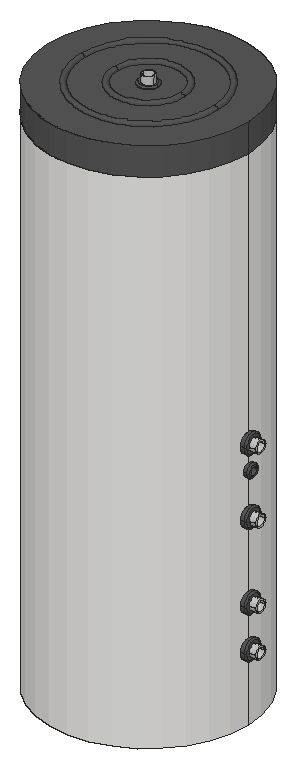
Revit family "S-tank_P", category Оборудование, Revit 2019
Family settings
  Размер круглого соединителя = Использовать диаметр
  Классификация = Нет
  Тип детали = Нормальный
  На основе рабочей плоскости = Нет
  Всегда вертикально = Да
  При загрузке вырезать с полостями = Нет
  Общий = Нет
  Точка расчета площади = Нет
Parameters (values of type "P300")
  Разработка семейств = "https://rubim.tech/"
  H = 1550 mm
  Диаметрcизоляцией = 575 mm
  shrf = 17.5 mm
  rd [instance] = Диаметрcизоляцией / 2  # 287.5 mm
  a = Диаметрcизоляцией / 6  # 95.833 mm
  N = 1740 mm
  M = 1360 mm
  L = 198 mm
  E = 728 mm
  DN2 = 15 mm
  DN1 = 25 mm
  D = 658 mm
  C = 538 mm
  B = 318 mm
  ADSK_Примечание [instance] = ""
  ADSK_Позиция [instance] = ""
  ADSK_Обозначение = "P300"
  ADSK_Наименование краткое [instance] = "БКН"
  ADSK_Наименование = "Бойлер косвенного нагрева"
  ADSK_Масса_Текст [instance] = ""
  ADSK_Масса = 70
  ADSK_Марка = "P 300"
  ADSK_Количество [instance] = 1  # constant formula
  ADSK_Код изделия = "4.0003"
  ADSK_Завод-изготовитель = "ООО “С-ТЭНК ВОТЕР ХИТЕРС”"
  ADSK_Единица измерения = "шт."  # constant formula
  ADSK_Группирование = "Оборудование"
  ADSK_URL документации изделия = "http://s-tank.ru/p/"
  A = 198 mm
Types (9, lengths in mm): name | H | Диаметрcизоляцией | rd | a | M | L | E | D | C | B | ADSK_Обозначение | ADSK_Масса | ADSK_Марка | ADSK_Код изделия | A
  P150 | 925 | 575 | 287.5 | 95.833 | 745 | 198 | 618 | 548 | 438 | 308 | "P150" | 51 | "P 150" | "4.0001" | 198
  P200 | 1200 | 575 | 287.5 | 95.833 | 1020 | 208 | 758 | 688 | 508 | 328 | "P200" | 58 | "P 200" | "4.0002" | 208
  P300 | 1550 | 575 | 287.5 | 95.833 | 1360 | 198 | 728 | 658 | 538 | 318 | "P300" | 70 | "P 300" | "4.0003" | 198
  P400 | 1420 | 725 | 362.5 | 120.833 | 1110 | 259 | 819 | 749 | 619 | 389 | "P400" | 85 | "P 400" | "4.0004" | 259
  P500 | 1670 | 725 | 362.5 | 120.833 | 1360 | 259 | 819 | 749 | 619 | 389 | "P500" | 93 | "P 500" | "4.0005" | 259
  P750 | 1630 | 920 | 460 | 153.333 | 1326 | 301 | 831 | 751 | 621 | 431 | "P750" | 114 | "P 750" | "4.0006" | 301
  P1000 | 1630 | 920 | 460 | 153.333 | 1326 | 291 | 1011 | 891 | 701 | 481 | "P1000" | 145 | "P 1000" | "4.0007" | 291
  P1500 | 2370 | 1070 | 535 | 178.333 | 2010 | 295 | 1075 | 950 | 760 | 475 | "P1500" | 211 | "P 1500" | "4.0008" | 295
  P2000 | 2500 | 1180 | 590 | 196.667 | 2178 | 323 | 1093 | 973 | 773 | 523 | "P2000" | 257 | "P 2000" | "4.0009" | 323
Reference planes
  plane 1 "По центру (Вперед/Назад)": y = 0
  plane 2: z = 0
  plane 3 "По центру (Влево/Вправо)": x = 0
  plane 4: z = 198
  plane 5: z = 318
  plane 6: z = 538
  plane 7: z = 658
  plane 8: z = 1550
  plane 9: x = 287.5
  plane 10: x = -287.5
  plane 11: x = 95.833
  plane 12: x = 191.667
  plane 13: y = -287.5
  plane 14: y = 287.5
  plane 15: z = 728
  plane 16: z = 1535
  plane 17: z = 198
  plane 18: z = 1360
Forms (mm)
  Extrusion 1, solid, material "RB_Серая порошковая"
    sketch origin (0, 0, 0) x (1, 0, 0) y (0, 1, 0)
      loop
        circle (0, 0) r 287.5
    from 0 to 1470
  Extrusion 2, solid, material "RB_Черный пластик"
    sketch origin (0, 0, 0) x (1, 0, 0) y (0, 1, 0)
      loop
        circle (0, 0) r 287.5
    from 1470 to 1550
  Revolve 3, solid, material "RB_Черный пластик"
    sketch origin (0, 0, 0) x (1, 0, 0) y (0, 0, 1)
      loop
        line (88.333, 1550) -> (103.333, 1550)
        arc (103.333, 1550) -> (95.833, 1557.5) -> (88.333, 1550) r 7.5
      loop
        line (184.167, 1550) -> (199.167, 1550)
        arc (199.167, 1550) -> (191.667, 1557.5) -> (184.167, 1550) r 7.5
      axis (0, 1550) -> (0, 1551)
    angle from 0 to 360
  Extrusion 4, solid, material "Пластик синий", not visible
    sketch origin (-10, 0, 0) x (1, 0, 0) y (0, 0, 1)
      loop
        arc (-214.477, 2447.343) -> (-231.977, 2440.094) -> (-239.226, 2422.594) r 24.749
        line (-239.226, 2422.594) -> (-239.226, 2312.833)
        arc (-239.226, 2312.833) -> (-231.977, 2295.333) -> (-214.477, 2288.085) r 24.749
        line (-214.477, 2288.085) -> (236.536, 2288.085)
        arc (236.536, 2288.085) -> (254.036, 2295.333) -> (261.285, 2312.833) r 24.749
        line (261.285, 2312.833) -> (261.285, 2420.032)
        arc (261.285, 2420.032) -> (253.285, 2439.344) -> (233.974, 2447.343) r 27.311
        line (233.974, 2447.343) -> (-214.477, 2447.343)
      loop
        arc (-214.477, 2439.053) -> (-226.115, 2434.232) -> (-230.936, 2422.594) r 16.459
        line (-230.936, 2422.594) -> (-230.936, 2331.316) -> (252.994, 2331.316) -> (252.994, 2420.032)
        arc (252.994, 2420.032) -> (247.423, 2433.482) -> (233.974, 2439.053) r 19.021
        line (233.974, 2439.053) -> (-214.477, 2439.053)
      loop
        line (-115.968, 2397.309) -> (-115.968, 2379.809) -> (-65.968, 2379.809) -> (-65.968, 2397.309) -> (-115.968, 2397.309)
      loop
        line (-35.422, 2407.249) -> (-35.422, 2351.314) -> (-17.922, 2351.314) -> (-17.922, 2407.249) -> (3.349, 2407.249) -> (10.977, 2424.749) -> (-55.778, 2424.749) -> (-55.778, 2407.249) -> (-35.422, 2407.249)
      loop
        line (-4.413, 2351.314) -> (16.363, 2351.314) -> (21.205, 2358.883) -> (45.502, 2358.883) -> (45.502, 2351.314) -> (63.002, 2351.314) -> (63.002, 2377.816) -> (33.319, 2377.816) -> (45.396, 2396.692) -> (45.396, 2384.046) -> (62.896, 2384.046) -> (62.896, 2407.227)
        arc (62.896, 2407.227) -> (56.009, 2420.523) -> (41.176, 2422.567) r 16.277
        line (41.176, 2422.567) -> (-4.413, 2351.314)
      loop
        line (86.328, 2400.911) -> (116.793, 2357.872)
        arc (116.793, 2357.872) -> (128.592, 2352.604) -> (138.978, 2360.291) r 12.812
        line (138.978, 2360.291) -> (138.978, 2425.291) -> (121.478, 2425.291) -> (121.478, 2377.488) -> (92.799, 2417.763)
        arc (92.799, 2417.763) -> (79.669, 2423.404) -> (68.828, 2414.092) r 13.5
        line (68.828, 2414.092) -> (68.828, 2351.314) -> (86.328, 2351.314) -> (86.328, 2400.911)
      loop
        line (148.978, 2425.291) -> (148.978, 2351.314) -> (166.478, 2351.314) -> (166.478, 2387.9) -> (192.095, 2351.314) -> (210.407, 2351.314) -> (181.682, 2392.337) -> (202.618, 2425.291) -> (184.847, 2425.291) -> (166.478, 2396.377) -> (166.478, 2425.291) -> (148.978, 2425.291)
    from 759.938 to 875
  Extrusion 5, solid, material "Пластик красный", not visible
    sketch origin (-10, 0, 0) x (1, 0, 0) y (0, 0, 1)
      loop
        line (-183.191, 2407.249) -> (-125.538, 2407.249)
        arc (-125.538, 2407.249) -> (-123.959, 2408.615) -> (-124.451, 2410.643) r 2.004
        line (-124.451, 2410.643) -> (-138.593, 2424.749) -> (-178.435, 2424.749)
        arc (-178.435, 2424.749) -> (-183.852, 2416.825) -> (-183.191, 2407.249) r 14.627
      loop
        line (-178.104, 2401.129) -> (-146.323, 2368.814) -> (-182.715, 2368.814)
        arc (-182.715, 2368.814) -> (-184.77, 2366.956) -> (-184.098, 2364.267) r 2.693
        line (-184.098, 2364.267) -> (-171.109, 2351.314) -> (-128.051, 2351.314)
        arc (-128.051, 2351.314) -> (-118.918, 2357.483) -> (-121.231, 2368.259) r 9.845
        line (-121.231, 2368.259) -> (-153.559, 2401.129) -> (-178.104, 2401.129)
    from -875 to 875
Lines and regions (mm)
  reference lines
    curve 1: line (0, -287.5, 51.978) -> (0, -287.5, -128.022)
    curve 2: line (287.5, 0, 51.978) -> (287.5, 0, -48.022)
    curve 3: line (203.293, -203.293, 51.978) -> (203.293, -203.293, -48.022)
    curve 4: line (-287.5, 0, 51.978) -> (-287.5, 0, -48.022)
Dimensions and locks
  "H": plane 8 to plane 2
  "D": plane 7 to plane 2
  "C": plane 6 to plane 2
  "B": plane 5 to plane 2
  "A": plane 4 to plane 2
  "Диаметрcизоляцией": plane 9 to plane 10
  equal spacing: plane 9, plane 3 "По центру (Влево/Вправо)", plane 10
  "a": plane 11 to plane 3 "По центру (Влево/Вправо)"
  "a": plane 12 to plane 11
  equal spacing: Revolve 3 sketch curve, plane 11, Revolve 3 sketch curve
  equal spacing: Revolve 3 sketch curve, plane 12, Revolve 3 sketch curve
  Revolve 3 sketch curve to Revolve 3 sketch curve = 15 mm  (x2)
  "shrf": Extrusion 4 sketch curve to Extrusion 4 sketch curve  (x11)
  Extrusion 4 sketch curve to Extrusion 4 sketch curve = 15 mm  (x2)
  "shrf": Extrusion 5 sketch curve to Extrusion 5 sketch curve  (x3)
  equal spacing: plane 14, plane 1 "По центру (Вперед/Назад)", plane 13
  "Диаметрcизоляцией": plane 14 to plane 13
  locked: Extrusion 2 to plane 8 at 80
  "E": plane 15 to level
  "L": plane 17 to level
  "M": plane 18 to level
  "Диаметрcизоляцией": diameter of Extrusion 1 sketch curve
  "Диаметрcизоляцией": diameter of Extrusion 2 sketch curve
  aligned and locked: level to plane 2
  aligned and locked: Extrusion 4 sketch curve to Extrusion 4 sketch curve  (x3)
  aligned and locked: Extrusion 4 to Extrusion 5 sketch curve
  aligned and locked: Extrusion 5 sketch curve to Extrusion 4
  aligned and locked: nested 1 to plane 1 "По центру (Вперед/Назад)"
  aligned and locked: curve 1 to plane 13
  aligned and locked: nested 2 to plane 4
  aligned and locked: nested 1 to plane 5
  aligned and locked: nested 3 to plane 6
  aligned and locked: curve 2 to nested 3
  aligned and locked: curve 2 to nested 1
  aligned and locked: curve 2 to nested 2
  aligned and locked: curve 2 to plane 9
  aligned and locked: nested 4 to plane 1 "По центру (Вперед/Назад)"
  aligned and locked: nested 4 to plane 8
  aligned and locked: Extrusion 2 to plane 8
  aligned and locked: Extrusion 1 to Extrusion 2
  aligned and locked: Extrusion 1 to level
  aligned and locked: curve 2 to nested 5
  aligned and locked: nested 5 to plane 7
  aligned and locked: plane 17 to nested 7
  aligned and locked: curve 2 to nested 6
  aligned and locked: plane 15 to nested 6
  aligned and locked: nested 7 to curve 4
  aligned and locked: curve 4 to plane 10
  aligned and locked: nested 8 to plane 18
  aligned and locked: nested 7 to nested 8
Automatic sketch dimensions
  Extrusion 4 sketch curve to Extrusion 4 sketch curve = 0 mm  (x12)
  Extrusion 4 sketch curve to Extrusion 4 sketch curve = 8.29 mm
  Extrusion 4 sketch curve to Extrusion 4 sketch curve = 16.459 mm  (x3)
  Extrusion 4 sketch curve to Extrusion 4 sketch curve = 98.509 mm
  Extrusion 4 sketch curve to Extrusion 4 sketch curve = 50 mm
  Extrusion 4 sketch curve to Extrusion 4 sketch curve = 10.19 mm
  Extrusion 4 sketch curve to Extrusion 4 sketch curve = 20.356 mm
  Extrusion 4 sketch curve to Extrusion 4 sketch curve = 13.509 mm
  Extrusion 4 sketch curve to Extrusion 4 sketch curve = 4.843 mm
  Extrusion 4 sketch curve to Extrusion 4 sketch curve = 12.113 mm
  Extrusion 4 sketch curve to Extrusion 4 sketch curve = 30.199 mm
  Extrusion 4 sketch curve to Extrusion 4 sketch curve = 12.078 mm
  Extrusion 4 sketch curve to Extrusion 4 sketch curve = 12.183 mm
  Extrusion 4 sketch curve to Extrusion 4 sketch curve = 1.223 mm
  Extrusion 4 sketch curve to Extrusion 4 sketch curve = 5.932 mm
  Extrusion 4 sketch curve to Extrusion 4 sketch curve = 4.616 mm
  Extrusion 4 sketch curve to Extrusion 4 sketch curve = 11.087 mm
  Extrusion 4 sketch curve to Extrusion 4 sketch curve = 30.465 mm
  Extrusion 4 sketch curve to Extrusion 4 sketch curve = 4.684 mm
  Extrusion 4 sketch curve to Extrusion 4 sketch curve = 11.775 mm
  Extrusion 4 sketch curve to Extrusion 4 sketch curve = 10 mm
  Extrusion 4 sketch curve to Extrusion 4 sketch curve = 15.205 mm
  Extrusion 4 sketch curve to Extrusion 4 sketch curve = 18.369 mm
  Extrusion 4 sketch curve to Extrusion 4 sketch curve = 25.618 mm
  Extrusion 4 sketch curve to Extrusion 4 sketch curve = 17.771 mm
  Extrusion 4 sketch curve to Extrusion 4 sketch curve = 18.312 mm
  Extrusion 4 sketch curve to Extrusion 4 sketch curve = 31.356 mm
  Extrusion 4 sketch curve to Extrusion 4 sketch curve = 18.483 mm
  Extrusion 4 sketch curve to Extrusion 4 sketch curve = 38.481 mm
  Extrusion 4 sketch curve to Extrusion 4 sketch curve = 6.557 mm
  Extrusion 4 sketch curve to Extrusion 4 sketch curve = 8.977 mm
  Extrusion 4 sketch curve to Extrusion 4 sketch curve = 12.148 mm
  Extrusion 4 sketch curve to Extrusion 4 sketch curve = 28.495 mm
  Extrusion 4 sketch curve to Extrusion 4 sketch curve = 12.647 mm
  Extrusion 4 sketch curve to Extrusion 4 sketch curve = 6.316 mm
  Extrusion 4 sketch curve to Extrusion 4 sketch curve = 15.318 mm
  Extrusion 4 sketch curve to Extrusion 4 sketch curve = 9.148 mm
  Extrusion 4 sketch curve to Extrusion 4 sketch curve = 6.865 mm
  Extrusion 4 sketch curve to Extrusion 4 sketch curve = 5.259 mm
  Extrusion 4 sketch curve to Extrusion 4 sketch curve = 28.915 mm
  Extrusion 5 sketch curve to Extrusion 5 sketch curve = 0.908 mm
  Extrusion 5 sketch curve to Extrusion 5 sketch curve = 1.383 mm
  Extrusion 5 sketch curve to Extrusion 5 sketch curve = 1.904 mm
  Extrusion 5 sketch curve to Extrusion 5 sketch curve = 4.756 mm
  Extrusion 5 sketch curve to Extrusion 5 sketch curve = 5.086 mm
  Extrusion 5 sketch curve to Extrusion 5 sketch curve = 12.989 mm
  Extrusion 5 sketch curve to Extrusion 5 sketch curve = 8.698 mm
  Extrusion 5 sketch curve to Extrusion 5 sketch curve = 16.177 mm
  Extrusion 5 sketch curve to Extrusion 5 sketch curve = 24.787 mm
  Extrusion 5 sketch curve to Extrusion 5 sketch curve = 14.966 mm
  Extrusion 5 sketch curve to Extrusion 5 sketch curve = 18.272 mm
  Extrusion 5 sketch curve to Extrusion 5 sketch curve = 12.725 mm
  Extrusion 5 sketch curve to Extrusion 5 sketch curve = 0.33 mm
  Extrusion 5 sketch curve to Extrusion 5 sketch curve = 1.417 mm
  Extrusion 5 sketch curve to Extrusion 5 sketch curve = 6.82 mm
  Extrusion 5 sketch curve to Extrusion 5 sketch curve = 4.547 mm
  Extrusion 5 sketch curve to Extrusion 5 sketch curve = 1.977 mm
  Extrusion 4 sketch curve to Extrusion 4 sketch curve = 21.271 mm
  Extrusion 4 sketch curve to Extrusion 4 sketch curve = 7.628 mm
  Extrusion 4 sketch curve to Extrusion 4 sketch curve = 20.775 mm
  Extrusion 4 sketch curve to Extrusion 4 sketch curve = 26.129 mm
  Revolve 3 sketch curve to plane 3 "По центру (Влево/Вправо)" = 0 mm
  Revolve 3 sketch curve to plane 8 = 0 mm  (x2)
  Revolve 3 sketch curve to plane 8 = 100 mm
  Revolve 3 sketch curve to Revolve 3 sketch curve = 220 mm
  curve 3 to level = 48.022 mm
  level to curve 3 = 51.978 mm
  curve 1 to level = 128.022 mm
  level to curve 1 = 51.978 mm
  curve 2 to level = 48.022 mm
  curve 4 to level = 48.022 mm
  level to curve 4 = 51.978 mm
  level to curve 2 = 51.978 mm
  plane 1 "По центру (Вперед/Назад)" to Extrusion 1 sketch curve = 0 mm
  Extrusion 1 sketch curve to plane 3 "По центру (Влево/Вправо)" = 0 mm
  plane 1 "По центру (Вперед/Назад)" to Extrusion 2 sketch curve = 0 mm
  Extrusion 2 sketch curve to plane 3 "По центру (Влево/Вправо)" = 0 mm
Nested families
  nested 1: "патрубок" at (287.5, 0, 318) x (0, 1, 0) z (0, 0, 1), DN <- "DN1", type "патрубок"
    with ВР yes, L2 50 mm, L1 30 mm, Dv 35.5 mm, Dtv 29.5 mm, Dt 33.5 mm, Dn 56.8 mm, DN 25 mm
  nested 2: "патрубок" at (287.5, 0, 198) x (0, 1, 0) z (0, 0, 1), DN <- "DN1", type "патрубок"
    with ВР yes, L2 50 mm, L1 30 mm, Dv 35.5 mm, Dtv 29.5 mm, Dt 33.5 mm, Dn 56.8 mm, DN 25 mm
  nested 3: "патрубок" at (287.5, 0, 538) x (0, 1, 0) z (0, 0, 1), DN <- "DN1", type "патрубок"
    with ВР yes, L2 50 mm, L1 30 mm, Dv 35.5 mm, Dtv 29.5 mm, Dt 33.5 mm, Dn 56.8 mm, DN 25 mm
  nested 4: "патрубок" at (0, 0, 1539.119) x (1, 0, 0) z (0, 1, 0), DN <- "DN1", type "патрубок"
    with ВР yes, L2 50 mm, L1 30 mm, Dv 35.5 mm, Dtv 29.5 mm, Dt 33.5 mm, Dn 56.8 mm, DN 25 mm
  nested 5: "патрубок" at (287.5, 0, 658) x (0, 1, 0) z (0, 0, 1), DN <- "DN2", type "патрубок"
    with ВР no, L2 15 mm, L1 30 mm, Dv 23.3 mm, Dtv 17.3 mm, Dt 21.3 mm, Dn 37.28 mm, DN 15 mm
  nested 6: "патрубок" at (287.5, 0, 728) x (0, 1, 0) z (0, 0, 1), DN <- "DN1", type "патрубок"
    with ВР yes, L2 50 mm, L1 30 mm, Dv 35.5 mm, Dtv 29.5 mm, Dt 33.5 mm, Dn 56.8 mm, DN 25 mm
  nested 7: "патрубок" at (-287.5, 0, 198) x (0, -1, 0) z (0, 0, 1), type "патрубок"
    with ВР no, L2 15 mm, L1 30 mm, Dv 62 mm, Dtv 56 mm, Dt 60 mm, Dn 99.2 mm, DN 50 mm
  nested 8: "патрубок" at (-287.5, 0, 1360) x (0, -1, 0) z (0, 0, 1), DN <- "DN2", type "патрубок"
    with ВР no, L2 15 mm, L1 30 mm, Dv 23.3 mm, Dtv 17.3 mm, Dt 21.3 mm, Dn 37.28 mm, DN 15 mm
Connectors
  piping at (322.5, 0, 538), diameter 25, driven by "DN1"
    settings: on nested 3, index 14, connector inside diameter 609.6 mm, connector length 0 mm, flow factor 0, pipe flow 0.0 L/s, pressure drop 0.0 Pa, fitting loss kfactor 0, connector angle 0.00°, fixture units 0, engagement length 0 mm, angle of deflection 0.00°, flow configuration 0, flow direction 2, fitting loss method 0, system type 29, joint type 0, gender type 0, connector reference index -1, connector utility 0, adjustable connector no, is connector primary yes, connector description ""
  piping at (322.5, 0, 318), diameter 25, driven by "DN1"
    settings: on nested 1, index 15, connector inside diameter 609.6 mm, connector length 0 mm, flow factor 0, pipe flow 0.0 L/s, pressure drop 0.0 Pa, fitting loss kfactor 0, connector angle 0.00°, fixture units 0, engagement length 0 mm, angle of deflection 0.00°, flow configuration 0, flow direction 2, fitting loss method 0, system type 8, joint type 0, gender type 0, connector reference index -1, connector utility 0, adjustable connector no, is connector primary no, connector description ""
  piping at (322.5, 0, 198), diameter 25, driven by "DN1"
    settings: on nested 2, index 16, connector inside diameter 609.6 mm, connector length 0 mm, flow factor 0, pipe flow 0.0 L/s, pressure drop 0.0 Pa, fitting loss kfactor 0, connector angle 0.00°, fixture units 0, engagement length 0 mm, angle of deflection 0.00°, flow configuration 0, flow direction 1, fitting loss method 0, system type 20, joint type 0, gender type 0, connector reference index -1, connector utility 0, adjustable connector no, is connector primary no, connector description ""
  piping at (0, 0, 1574.119), diameter 25, driven by "DN1"
    settings: on nested 4, index 21, connector inside diameter 609.6 mm, connector length 0 mm, flow factor 0, pipe flow 0.0 L/s, pressure drop 0.0 Pa, fitting loss kfactor 0, connector angle 0.00°, fixture units 0, engagement length 0 mm, angle of deflection 0.00°, flow configuration 0, flow direction 2, fitting loss method 0, system type 19, joint type 0, gender type 0, connector reference index -1, connector utility 0, adjustable connector no, is connector primary no, connector description ""
  piping at (287.5, 0, 658), diameter 15, driven by "DN2"
    settings: on nested 5, index 22, connector inside diameter 609.6 mm, connector length 0 mm, flow factor 0, pipe flow 0.0 L/s, pressure drop 0.0 Pa, fitting loss kfactor 0, connector angle 0.00°, fixture units 0, engagement length 0 mm, angle of deflection 0.00°, flow configuration 0, flow direction 0, fitting loss method 0, system type 29, joint type 0, gender type 0, connector reference index -1, connector utility 0, adjustable connector no, is connector primary no, connector description ""
  piping at (322.5, 0, 728), diameter 25, driven by "DN1"
    settings: on nested 6, index 24, connector inside diameter 609.6 mm, connector length 0 mm, flow factor 0, pipe flow 0.0 L/s, pressure drop 0.0 Pa, fitting loss kfactor 0, connector angle 0.00°, fixture units 0, engagement length 0 mm, angle of deflection 0.00°, flow configuration 0, flow direction 1, fitting loss method 0, system type 7, joint type 0, gender type 0, connector reference index -1, connector utility 0, adjustable connector no, is connector primary no, connector description ""
  piping at (-287.5, 0, 1360), diameter 15, driven by "DN2"
    settings: on nested 8, index 26, connector inside diameter 609.6 mm, connector length 0 mm, flow factor 0, pipe flow 0.0 L/s, pressure drop 0.0 Pa, fitting loss kfactor 0, connector angle 0.00°, fixture units 0, engagement length 0 mm, angle of deflection 0.00°, flow configuration 0, flow direction 0, fitting loss method 0, system type 29, joint type 0, gender type 0, connector reference index -1, connector utility 0, adjustable connector no, is connector primary no, connector description ""
Definition of nested family "патрубок"
  Parameters (values of type "патрубок")
    ВР [instance] = yes
    L2 [instance] = if(ВР, L1 + 20 mm, L1 - 15 mm)  # 50 mm
    L1 [instance] = 30 mm
    Dv [instance] = Dt + 2 mm  # 50 mm
    Dtv [instance] = Dt - 4 mm  # 44 mm
    Dt [instance] = if(DN = 15 mm, 21.3 mm, if(DN = 20 mm, 26.8 mm, if(DN = 25 mm, 33.5 mm, if(DN = 32 mm, 42.3 mm, if(DN = 40 mm, 48 mm, if(DN = 50 mm, 60 mm, 15 mm))))))  # 48 mm
    Dn [instance] = Dv * 1.6  # 80 mm
    DN [instance] = 40 mm
    2 = none
    1 = none
  Reference planes
    plane 1 "По центру (Вперед/Назад)": y = 0
    plane 2: z = 0
    plane 3 "По центру (Влево/Вправо)": x = 0
  Forms (mm)
    Extrusion 1, solid, material <- "1"
      sketch origin (0, 0, 0) x (1, 0, 0) y (0, 0, 1)
        loop
          circle (0, 0) r 40
        loop
          circle (0, 0) r 25
      from -15 to 15
    Extrusion 2, solid, material <- "2"
      sketch origin (0, 0, 0) x (1, 0, 0) y (0, 0, 1)
        loop
          circle (0, 0) r 24
        loop
          circle (0, 0) r 22
      from -15 to 35
    Sweep 3, void
      path in 3D
        loop
          arc (40, -15, 0) -> (0, -15, -40) -> (-40, -15, 0) r 40
          arc (-40, -15, 0) -> (0, -15, 40) -> (40, -15, 0) r 40
      profile origin (0, -15, 40) x (0, 0, 1) y (0, -1, 0)
        loop
          line (0, -4.119) -> (0, 0) -> (-4.119, 0) -> (0, -4.119)
  Cuts and joins
    Sweep 3 cuts Extrusion 1
  Lines and regions (mm)
    sketch lines
      curve 1: arc (-40, -15, 0) -> (0, -15, 40) -> (40, -15, 0) r 40
      curve 2: arc (40, -15, 0) -> (0, -15, -40) -> (-40, -15, 0) r 40
  Dimensions and locks
    "L1": Extrusion 1 to Extrusion 1
    equal spacing: Extrusion 1, plane 1 "По центру (Вперед/Назад)", Extrusion 1
    "L2": Extrusion 1 to Extrusion 2
    "Dn": diameter of Extrusion 1 sketch curve
    "Dv": diameter of Extrusion 1 sketch curve
    "Dt": diameter of Extrusion 2 sketch curve
    "Dtv": diameter of Extrusion 2 sketch curve
    locked: profile plane to Sweep 3 sketch curve (angle 45.00°)
    aligned and locked: level to plane 2
    aligned and locked: Extrusion 1 to Extrusion 2
    aligned and locked: Sweep 3 sketch curve to profile plane
    aligned and locked: profile plane to Sweep 3 sketch curve
  Automatic sketch dimensions
    profile plane to Sweep 3 sketch curve = 4.119 mm
    Extrusion 1 sketch curve to Extrusion 1 sketch curve = 0 mm  (x2)
    Extrusion 1 sketch curve to level = 0 mm
    Extrusion 1 sketch curve to plane 3 "По центру (Влево/Вправо)" = 0 mm
    Extrusion 2 sketch curve to Extrusion 2 sketch curve = 0 mm  (x2)
    Extrusion 2 sketch curve to level = 0 mm
    Extrusion 2 sketch curve to plane 3 "По центру (Влево/Вправо)" = 0 mm
